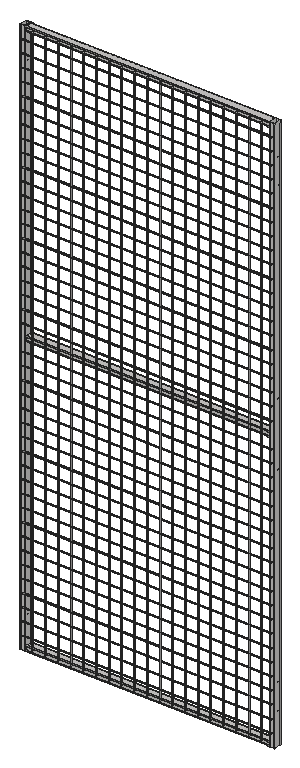
Revit family "Walls_Other_Troax_Separator_UX-450", category Specialty Equipment, Revit 2017
Family settings
  Round Connector Dimension = Use Diameter
  Part Type = Normal
  OmniClass Number = 23.25.40.00
  OmniClass Title = Space Division Products
  Work Plane-Based = No
  Always vertical = Yes
  Cut with Voids When Loaded = No
  Shared = No
  Room Calculation Point = No
Parameters (values of type "Caelum mesh panel UX450 1000mm")
  WarrantyStartDate [instance] = "n/a"
  WarrantyGuarantorParts = "n/a"
  WarrantyGuarantorLabor = "n/a"
  WarrantyDurationUnit = "Year"
  WarrantyDurationParts = "n/a"
  WarrantyDurationLabor = "n/a"
  WarrantyDescription = "n/a"
  WallType = ux450 1000 : ux450 1000
  WallPanelMainMaterial = Steel, Carbon
  VersionDate = "01/07/2020"  # constant formula
  Version = "1"  # constant formula
  Uniclass2015Reference = "Pr_25_71_57_60"
  Uniclass2015Description = "Partition panels"
  Uniclass2 = "Pr_25_71_57_60"
  URL = "https://www.troax.com/ro/warehouse-partitioning/warehouse-partitions-and-industrial-partitions#qt-related-product-index=1"
  Type Comments = ""
  TagNumber [instance] = "n/a"
  SustainabilityPerformance = "n/a"
  Size = "32x2200x1000 mm"
  Shape = "Sculptured"
  SerialNumber [instance] = "n/a"
  Revision = "2"  # constant formula
  ReplacementCost = "n/a"
  ProductInformation = "Caelum mesh partitioning is a modular system available in various widths and heights that is suitable for industrial storage applications."
  ProductDatasheet = "https://www.troax.com/sites/all/files/files/troax_-_ux_450_caelum_-_2013-07-03.pdf"
  NominalWidth = 1000 mm
  NominalThickness = 0 mm
  NominalHeight = 2200 mm
  NominalDepth = 32 mm
  Name = "Troax_Separator_UX-450_1000"
  NBSReference = "45-35-80/420"
  NBSDescription = "Panel partitions"
  ModelReference = "n/a"
  ModelNumber = "n/a"
  Material = "Carbon steel"
  ManufacturerURL = "https://www.troax.com/gb"
  ManufacturerName = "Troax"
  Model = "Caelum mesh panel UX450 1000mm"
  Manufacturer = "Troax"
  MainColor = "Grey"
  InstallationDate [instance] = "n/a"
  IfcExportType = "FENCE"  # constant formula
  IfcExportAs = "IfcSystemFurnitureElementTypePanel"  # constant formula
  HasOpening = yes
  Grade = "n/a"
  FurniturePanelType = "Other"  # constant formula
  Finish = "Powder coated as standard with a grey RAL 7037 finish; however other RAL colors are available upon request, panels can also be supplied hot dip galvanized for external use or in cold storage areas."
  Features = "Mesh panels can be modified on-site to fit any space, providing security where required."
  ExpectedLife = "n/a"
  DurationUnit = "Year"
  Description = "Caelum mesh partitioning is a modular system available in various widths and heights that is suitable for industrial storage applications. Mesh panels can be modified on-site to fit any space, providing security where required. Applications can range from 800 mm high to a complete floor to ceiling wall. Panels are constructed with a sturdy welded frame that provides added strength. The system is fully demountable and relocatable, and allows natural light and ventilation. Panels are supplied powder coated as standard with a grey RAL 7037 finish; however other RAL colors are available upon request. Panels can also be supplied hot dip galvanized for external use or in cold storage areas."
  Cost = 0
  ConvergoRefNr = "0054-1811-0021-SE"
  Constituents = "n/a"
  Color = "Grey"
  Collection = "Caelum"
  CodePerformance = "n/a"
  Barcode [instance] = "n/a"
  AssetIdentifier [instance] = "n/a"
  Category = "Mesh partitions"
  Brand = "Troax"
  BIMObjectName = "Walls_Other_Troax_Separator_UX-450"  # constant formula
  Author = "Convergo AB"  # constant formula
  AssetType = "Fixed"
  AccessibilityPerformance = "n/a"
Types (9, lengths in mm): name | WallType | Size | NominalWidth | Name | Model | ConvergoRefNr
  (no name) | ux450 1000 : ux450 1000 | "32x2200x1000 mm" | 1000 | "Troax_Separator_UX-450_1000" | "Caelum mesh panel UX450 1000mm" | "0054-1811-0021-SE"
  Caelum mesh panel UX450 200mm | ux450 200 : ux450 200 | "32x2200x200 mm" | 200 | "Troax_Separator_UX-450_200" | "Caelum mesh panel UX450 200mm" | "0054-1811-0016-SE"
  Caelum mesh panel UX450 300mm | ux450 300 : ux450 300 | "32x2200x300 mm" | 300 | "Troax_Separator_UX-450_300" | "Caelum mesh panel UX450 300mm" | "0054-1811-0017-SE"
  Caelum mesh panel UX450 700mm | ux450 700 : ux450 700 | "32x2200x700 mm" | 700 | "Troax_Separator_UX-450_700" | "Caelum mesh panel UX450 700mm" | "0054-1811-0019-SE"
  Caelum mesh panel UX450 500mm | ux450 500 : ux450 500 | "32x2200x500 mm" | 500 | "Troax_Separator_UX-450_500" | "Caelum mesh panel UX450 500mm" | "0054-1811-0018-SE"
  Caelum mesh panel UX450 1000mm | ux450 1000 : ux450 1000 | "32x2200x1000 mm" | 1000 | "Troax_Separator_UX-450_1000" | "Caelum mesh panel UX450 1000mm" | "0054-1811-0021-SE"
  Caelum mesh panel UX450 1200mm | ux450 1200 : ux450 1200 | "32x2200x1200 mm" | 1200 | "Troax_Separator_UX-450_1200" | "Caelum mesh panel UX450 1200mm" | "0054-1811-0022-SE"
  Caelum mesh panel UX450 1500mm | ux450 1500 : ux450 1500 | "32x2200x1500 mm" | 1500 | "Troax_Separator_UX-450_1500" | "Caelum mesh panel UX450 1500mm" | "0054-1811-0023-SE"
  Caelum mesh panel UX450 800mm | ux450 800 : ux450 800 | "32x2200x800 mm" | 800 | "Troax_Separator_UX-450_800" | "Caelum mesh panel UX450 800mm" | "0054-1811-0020-SE"
Reference planes
  plane 1 "Center (Front/Back)": y = 0
  plane 2: z = 0
  plane 3 "Center (Left/Right)": x = 0
  plane 4: x = -500
  plane 5: x = 500
  plane 6: z = 2200
  plane 7: y = 16
  plane 8: y = -16
Dimensions and locks
  equal spacing: plane 4, plane 3 "Center (Left/Right)", plane 5
  "NominalWidth": plane 4 to plane 5
  "NominalHeight": plane 6 to level
  equal spacing: plane 7, plane 1 "Center (Front/Back)", plane 8
  "NominalDepth": plane 7 to plane 8
  aligned and locked: level to plane 2
Nested families
  nested 1: "ux450 1000" at (0, 0, 0), type <- "WallType", MeshMaterial <- "WallPanelMainMaterial", type "ux450 1000"
    with MeshMaterial Steel, Carbon
Definition of nested family "ux450 1000"
  Parameters (values of type "ux450 1000")
    MeshMaterial [instance] = none
  Reference planes
    plane 1 "Center (Front/Back)": y = 0
    plane 2: z = 0
    plane 3 "Center (Left/Right)": x = 0
    plane 4: x = 500
    plane 5: x = -500
    plane 6: z = 2200
    plane 7: y = 16
    plane 8: y = -16
  Forms (mm)
    Extrusion 1, solid, material <- "MeshMaterial", detail levels medium+fine
      sketch origin (0, 0.7, 0) x (1, 0, 0) y (0, 1, 0)
        loop
          circle (-50, -15.2) r 1.5
        loop
          circle (0, -15.2) r 1.5
        loop
          circle (50, -15.2) r 1.5
        loop
          circle (-100, -15.2) r 1.5
        loop
          circle (100, -15.2) r 1.5
        loop
          circle (150, -15.2) r 1.5
        loop
          circle (200, -15.2) r 1.5
        loop
          circle (-150, -15.2) r 1.5
        loop
          circle (-200, -15.2) r 1.5
        loop
          circle (-250, -15.2) r 1.5
        loop
          circle (-300, -15.2) r 1.5
        loop
          circle (250, -15.2) r 1.5
        loop
          circle (300, -15.2) r 1.5
        loop
          circle (-350, -15.2) r 1.5
        loop
          circle (350, -15.2) r 1.5
        loop
          circle (-400, -15.2) r 1.5
        loop
          circle (-450, -15.2) r 1.5
        loop
          circle (400, -15.2) r 1.5
        loop
          circle (450, -15.2) r 1.5
      from 10 to 2190
    Extrusion 2, solid, material <- "MeshMaterial", detail levels medium+fine
      sketch origin (0, -4.65, 0) x (0, 1, 0) y (0, 0, 1)
        loop
          circle (-8.5, 2150) r 1.85
        loop
          circle (-8.5, 2100) r 1.85
        loop
          circle (-8.5, 2050) r 1.85
        loop
          circle (-8.5, 2000) r 1.85
        loop
          circle (-8.5, 1950) r 1.85
        loop
          circle (-8.5, 1900) r 1.85
        loop
          circle (-8.5, 1850) r 1.85
        loop
          circle (-8.5, 1800) r 1.85
        loop
          circle (-8.5, 1750) r 1.85
        loop
          circle (-8.5, 1700) r 1.85
        loop
          circle (-8.5, 1650) r 1.85
        loop
          circle (-8.5, 1600) r 1.85
        loop
          circle (-8.5, 1550) r 1.85
        loop
          circle (-8.5, 1500) r 1.85
        loop
          circle (-8.5, 1450) r 1.85
        loop
          circle (-8.5, 1400) r 1.85
        loop
          circle (-8.5, 1350) r 1.85
        loop
          circle (-8.5, 1300) r 1.85
        loop
          circle (-8.5, 1250) r 1.85
        loop
          circle (-8.5, 1200) r 1.85
        loop
          circle (-8.5, 1150) r 1.85
        loop
          circle (-8.5, 1050) r 1.85
        loop
          circle (-8.5, 1000) r 1.85
        loop
          circle (-8.5, 950) r 1.85
        loop
          circle (-8.5, 900) r 1.85
        loop
          circle (-8.5, 850) r 1.85
        loop
          circle (-8.5, 800) r 1.85
        loop
          circle (-8.5, 750) r 1.85
        loop
          circle (-8.5, 700) r 1.85
        loop
          circle (-8.5, 650) r 1.85
        loop
          circle (-8.5, 600) r 1.85
        loop
          circle (-8.5, 550) r 1.85
        loop
          circle (-8.5, 500) r 1.85
        loop
          circle (-8.5, 450) r 1.85
        loop
          circle (-8.5, 400) r 1.85
        loop
          circle (-8.5, 350) r 1.85
        loop
          circle (-8.5, 300) r 1.85
        loop
          circle (-8.5, 250) r 1.85
        loop
          circle (-8.5, 200) r 1.85
        loop
          circle (-8.5, 150) r 1.85
        loop
          circle (-8.5, 100) r 1.85
        loop
          circle (-8.5, 50) r 1.85
      from -490.001 to 490
    Extrusion 3, solid, material <- "MeshMaterial", detail levels medium+fine
      sketch origin (-100, 0, 0) x (1, 0, 0) y (0, 1, 0)
        loop
          line (-400, 14.5) -> (-400, -12.5)
          arc (-400, -12.5) -> (-399.561, -13.561) -> (-398.5, -14) r 1.5
          line (-398.5, -14) -> (-381.501, -14)
          arc (-381.501, -14) -> (-380.441, -13.561) -> (-380.001, -12.5) r 1.5
          line (-380.001, -12.5) -> (-380.001, 14.5)
          arc (-380.001, 14.5) -> (-380.441, 15.561) -> (-381.501, 16) r 1.5
          line (-381.501, 16) -> (-398.5, 16)
          arc (-398.5, 16) -> (-399.561, 15.561) -> (-400, 14.5) r 1.5
        loop
          line (-398.751, 14.75) -> (-398.751, -11.787) -> (-381.251, -11.787) -> (-381.251, 14.75) -> (-398.751, 14.75)
      from 0 to 2200
    Extrusion 4, solid, material <- "MeshMaterial", detail levels medium+fine
      sketch origin (-200, 0, 0) x (-1, 0, 0) y (0, -1, 0)
        loop
          line (-698.751, -14.75) -> (-681.251, -14.75) -> (-681.251, 12.75) -> (-698.751, 12.75) -> (-698.751, -14.75)
        loop
          line (-700, 12.5) -> (-700, -14.5)
          arc (-700, -14.5) -> (-699.561, -15.561) -> (-698.5, -16) r 1.5
          line (-698.5, -16) -> (-681.501, -16)
          arc (-681.501, -16) -> (-680.441, -15.561) -> (-680.001, -14.5) r 1.5
          line (-680.001, -14.5) -> (-680.001, 12.5)
          arc (-680.001, 12.5) -> (-680.441, 13.561) -> (-681.501, 14) r 1.5
          line (-681.501, 14) -> (-698.5, 14)
          arc (-698.5, 14) -> (-699.561, 13.561) -> (-700, 12.5) r 1.5
      from 0 to 2200
    Extrusion 5, solid, material <- "MeshMaterial", detail levels medium+fine
      sketch origin (0, 0, 0) x (0, 1, 0) y (0, 0, 1)
        loop
          line (14.7, 2200) -> (-12.787, 2200)
          arc (-12.787, 2200) -> (-14, 2198.25) -> (-12.787, 2196.5) r 1.869
          line (-12.787, 2196.5) -> (-12.787, 2184.5)
          arc (-12.787, 2184.5) -> (-13.988, 2182.75) -> (-12.787, 2181) r 1.875
          line (-12.787, 2181) -> (14.7, 2181)
          arc (14.7, 2181) -> (15.619, 2181.381) -> (16, 2182.3) r 1.3
          line (16, 2182.3) -> (16, 2198.7)
          arc (16, 2198.7) -> (15.619, 2199.619) -> (14.7, 2200) r 1.3
        loop
          line (15, 2182) -> (15, 2199) -> (-11.787, 2199) -> (-11.787, 2182) -> (15, 2182)
      from -480 to 480
    Extrusion 6, void
      sketch origin (0, -0.25, 0) x (0, 1, 0) y (0, 0, 1)
        loop
          circle (1.25, 2075) r 5
        loop
          circle (1.25, 1975) r 5
        loop
          circle (1.25, 1225) r 5
        loop
          circle (1.25, 975) r 5
        loop
          circle (1.25, 225) r 5
        loop
          circle (1.25, 125) r 5
      from -2443.968 to 2106.031
    Extrusion 7, solid, material <- "MeshMaterial", detail levels coarse
      sketch origin (0, 0, 0) x (1, 0, 0) y (0, 1, 0)
        loop
          line (-500, -16) -> (500, -16) -> (500, 16) -> (-500, 16) -> (-500, -16)
      from 0 to 2200
    Extrusion 8, solid, material <- "MeshMaterial", detail levels medium+fine
      sketch origin (0, 0, -1090.5) x (0, 1, 0) y (0, 0, 1)
        loop
          line (14.7, 2200) -> (-12.787, 2200)
          arc (-12.787, 2200) -> (-14, 2198.25) -> (-12.787, 2196.5) r 1.869
          line (-12.787, 2196.5) -> (-12.787, 2184.5)
          arc (-12.787, 2184.5) -> (-13.988, 2182.75) -> (-12.787, 2181) r 1.875
          line (-12.787, 2181) -> (14.7, 2181)
          arc (14.7, 2181) -> (15.619, 2181.381) -> (16, 2182.3) r 1.3
          line (16, 2182.3) -> (16, 2198.7)
          arc (16, 2198.7) -> (15.619, 2199.619) -> (14.7, 2200) r 1.3
        loop
          line (15, 2182) -> (15, 2199) -> (-11.787, 2199) -> (-11.787, 2182) -> (15, 2182)
      from -480 to 480
    Extrusion 9, solid, material <- "MeshMaterial", detail levels medium+fine
      sketch origin (0, 0, -2181) x (0, 1, 0) y (0, 0, 1)
        loop
          line (14.7, 2200) -> (-12.787, 2200)
          arc (-12.787, 2200) -> (-14, 2198.25) -> (-12.787, 2196.5) r 1.869
          line (-12.787, 2196.5) -> (-12.787, 2184.5)
          arc (-12.787, 2184.5) -> (-13.988, 2182.75) -> (-12.787, 2181) r 1.875
          line (-12.787, 2181) -> (14.7, 2181)
          arc (14.7, 2181) -> (15.619, 2181.381) -> (16, 2182.3) r 1.3
          line (16, 2182.3) -> (16, 2198.7)
          arc (16, 2198.7) -> (15.619, 2199.619) -> (14.7, 2200) r 1.3
        loop
          line (15, 2182) -> (15, 2199) -> (-11.787, 2199) -> (-11.787, 2182) -> (15, 2182)
      from -480 to 480
  Cuts and joins
    Extrusion 6 cuts Extrusion 4
    Extrusion 6 cuts Extrusion 3
  Lines and regions (mm)
    symbolic lines, detail levels medium+fine
      curve 1: line (0, 16, 2200) -> (0, 16, 0)
      curve 2: line (0, 16, 0) -> (0, -14, 0)
      curve 3: line (0, -14, 0) -> (0, -14, 10)
      curve 4: line (0, -14, 10) -> (0, -16, 10)
      curve 5: line (0, -16, 10) -> (0, -16, 2190)
      curve 6: line (0, -16, 2190) -> (0, -14, 2190)
      curve 7: line (0, -14, 2190) -> (0, -14, 2200)
      curve 8: line (0, -14, 2200) -> (0, 16, 2200)
      curve 22: line (-500, 0, 2200) -> (500, 0, 2200)
      curve 23: line (-500, 0, 0) -> (-500, 0, 2200)
      curve 24: line (500, 0, 0) -> (-500, 0, 0)
      curve 25: line (500, 0, 2200) -> (500, 0, 0)
    symbolic lines, detail levels fine
      curve 9: line (0, -14, 2190) -> (0, -14, 10)
      curve 10: arc (0, 6, 2075) -> (0, 1, 2080) -> (0, -4, 2075) r 5
      curve 11: arc (0, -4, 2075) -> (0, 1, 2070) -> (0, 6, 2075) r 5
      curve 12: arc (0, 6, 1975) -> (0, 1, 1980) -> (0, -4, 1975) r 5
      curve 13: arc (0, -4, 1975) -> (0, 1, 1970) -> (0, 6, 1975) r 5
      curve 14: arc (0, 6, 1225) -> (0, 1, 1230) -> (0, -4, 1225) r 5
      curve 15: arc (0, -4, 1225) -> (0, 1, 1220) -> (0, 6, 1225) r 5
      curve 16: arc (0, -4, 975) -> (0, 1, 970) -> (0, 6, 975) r 5
      curve 17: arc (0, 6, 975) -> (0, 1, 980) -> (0, -4, 975) r 5
      curve 18: arc (0, 6, 225) -> (0, 1, 230) -> (0, -4, 225) r 5
      curve 19: arc (0, -4, 225) -> (0, 1, 220) -> (0, 6, 225) r 5
      curve 20: arc (0, 6, 125) -> (0, 1, 130) -> (0, -4, 125) r 5
      curve 21: arc (0, -4, 125) -> (0, 1, 120) -> (0, 6, 125) r 5
      curve 26: line (-480, 0, 3.5) -> (480, 0, 3.5)
      curve 27: line (-480, 0, 19) -> (480, 0, 19)
      curve 28: line (-480, 0, 15.5) -> (480, 0, 15.5)
      curve 29: line (-480, 0, 2200) -> (-480, 0, 0)
      curve 30: line (-480, 0, 2196.5) -> (480, 0, 2196.5)
      curve 31: line (-480, 0, 2184.5) -> (480, 0, 2184.5)
      curve 32: line (-480, 0, 2181) -> (480, 0, 2181)
      curve 33: line (480, 0, 2200) -> (480, 0, 0)
      curve 34: line (-450, 0, 10) -> (-450, 0, 2190)
      curve 35: line (-400, 0, 10) -> (-400, 0, 2190)
      curve 36: line (-350, 0, 10) -> (-350, 0, 2190)
      curve 37: line (-480, 0, 1094) -> (480, 0, 1094)
      curve 38: line (-480, 0, 1109.5) -> (480, 0, 1109.5)
      curve 39: line (-480, 0, 1106) -> (480, 0, 1106)
      curve 40: line (-480, 0, 1090.5) -> (480, 0, 1090.5)
      curve 44: arc (-498.5, 16, 0) -> (-499.561, 15.561, 0) -> (-500, 14.5, 0) r 1.5
      curve 45: line (-481.501, 16, 0) -> (-498.5, 16, 0)
      curve 46: arc (-480.001, 14.5, 0) -> (-480.441, 15.561, 0) -> (-481.501, 16, 0) r 1.5
      curve 47: line (-480.001, -12.5, 0) -> (-480.001, 14.5, 0)
      curve 48: line (-500, 14.5, 0) -> (-500, -12.5, 0)
      curve 49: arc (-500, -12.5, 0) -> (-499.561, -13.561, 0) -> (-498.5, -14, 0) r 1.5
      curve 50: line (-498.5, -14, 0) -> (-481.501, -14, 0)
      curve 51: arc (-481.501, -14, 0) -> (-480.441, -13.561, 0) -> (-480.001, -12.5, 0) r 1.5
      curve 52: line (-481.251, 14.75, 0) -> (-481.251, -12.75, 0)
      curve 53: line (-481.251, -12.75, 0) -> (-498.751, -12.75, 0)
      curve 54: line (-498.751, -12.75, 0) -> (-498.751, 14.75, 0)
      curve 55: line (-498.751, 14.75, 0) -> (-481.251, 14.75, 0)
      curve 56: line (-490.001, -12.75, 0) -> (-490.001, -11.284, 0)
      curve 57: line (-490.001, -11.284, 0) -> (-481.251, -11.284, 0)
      curve 58: line (-490.001, -14, 0) -> (-490.001, -15, 0)
      curve 59: line (-490.001, -15, 0) -> (-451.414, -15, 0)
      curve 61: arc (498.5, 16, 0) -> (499.561, 15.561, 0) -> (500, 14.5, 0) r 1.5
      curve 62: line (481.501, 16, 0) -> (498.5, 16, 0)
      curve 63: arc (480.001, 14.5, 0) -> (480.441, 15.561, 0) -> (481.501, 16, 0) r 1.5
      curve 64: line (480.001, -12.5, 0) -> (480.001, 14.5, 0)
      curve 65: line (500, 14.5, 0) -> (500, -12.5, 0)
      curve 66: arc (500, -12.5, 0) -> (499.561, -13.561, 0) -> (498.5, -14, 0) r 1.5
      curve 67: line (498.5, -14, 0) -> (481.501, -14, 0)
      curve 68: arc (481.501, -14, 0) -> (480.441, -13.561, 0) -> (480.001, -12.5, 0) r 1.5
      curve 69: line (481.251, 14.75, 0) -> (481.251, -12.75, 0)
      curve 70: line (481.251, -12.75, 0) -> (498.751, -12.75, 0)
      curve 71: line (498.751, -12.75, 0) -> (498.751, 14.75, 0)
      curve 72: line (498.751, 14.75, 0) -> (481.251, 14.75, 0)
      curve 73: line (490.001, -12.75, 0) -> (490.001, -11.284, 0)
      curve 74: line (490.001, -11.284, 0) -> (481.251, -11.284, 0)
      curve 75: line (490.001, -14, 0) -> (490.001, -15, 0)
      curve 76: line (-480.001, 14.5, 0) -> (-480.001, 16, 0)
      curve 77: line (480.001, 16, 0) -> (480.001, 14.5, 0)
      curve 78: line (-480.001, -12.5, 0) -> (-480.001, -13.988, 0)
      curve 79: line (480.001, -13.988, 0) -> (480.001, -12.5, 0)
      curve 80: line (480.001, -13.988, 0) -> (-480.001, -13.988, 0)
      curve 81: arc (-51.41, -13.988, 0) -> (-50, -16, 0) -> (-48.59, -13.988, 0) r 1.5
      curve 82: arc (-1.41, -13.988, 0) -> (0, -16, 0) -> (1.41, -13.988, 0) r 1.5
      curve 83: arc (51.41, -13.988, 0) -> (50, -16, 0) -> (48.59, -13.988, 0) r 1.5
      curve 84: line (-48.586, -15, 0) -> (-1.414, -15, 0)
      curve 85: line (1.414, -15, 0) -> (48.586, -15, 0)
      curve 86: line (451.414, -15, 0) -> (490.001, -15, 0)
      curve 87: arc (101.41, -13.988, 0) -> (100, -16, 0) -> (98.59, -13.988, 0) r 1.5
      curve 88: line (51.414, -15, 0) -> (98.586, -15, 0)
      curve 89: arc (-101.41, -13.988, 0) -> (-100, -16, 0) -> (-98.59, -13.988, 0) r 1.5
      curve 90: line (-98.586, -15, 0) -> (-51.414, -15, 0)
      curve 91: line (450, 0, 10) -> (450, 0, 2190)
      curve 92: line (-100, 0, 10) -> (-100, 0, 2190)
      curve 93: arc (0, -14, 2151.643) -> (0, -15, 2150) -> (0, -14, 2148.357) r 1.85
      curve 94: arc (0, -14, 2101.643) -> (0, -15, 2100) -> (0, -14, 2098.357) r 1.85
      curve 95: arc (0, -14, 2051.643) -> (0, -15, 2050) -> (0, -14, 2048.357) r 1.85
      curve 96: arc (0, -14, 2001.643) -> (0, -15, 2000) -> (0, -14, 1998.357) r 1.85
      curve 97: arc (0, -14, 1951.643) -> (0, -15, 1950) -> (0, -14, 1948.357) r 1.85
      curve 98: arc (0, -14, 1901.643) -> (0, -15, 1900) -> (0, -14, 1898.357) r 1.85
      curve 99: arc (0, -14, 1851.643) -> (0, -15, 1850) -> (0, -14, 1848.357) r 1.85
      curve 100: arc (0, -14, 1801.643) -> (0, -15, 1800) -> (0, -14, 1798.357) r 1.85
      curve 101: arc (0, -14, 1751.643) -> (0, -15, 1750) -> (0, -14, 1748.357) r 1.85
      curve 102: arc (0, -14, 1701.643) -> (0, -15, 1700) -> (0, -14, 1698.357) r 1.85
      curve 103: arc (0, -14, 1651.643) -> (0, -15, 1650) -> (0, -14, 1648.357) r 1.85
      curve 104: arc (0, -14, 1601.643) -> (0, -15, 1600) -> (0, -14, 1598.357) r 1.85
      curve 105: arc (0, -14, 1551.643) -> (0, -15, 1550) -> (0, -14, 1548.357) r 1.85
      curve 106: arc (0, -14, 1501.643) -> (0, -15, 1500) -> (0, -14, 1498.357) r 1.85
      curve 107: arc (0, -14, 1451.643) -> (0, -15, 1450) -> (0, -14, 1448.357) r 1.85
      curve 108: arc (0, -14, 1401.643) -> (0, -15, 1400) -> (0, -14, 1398.357) r 1.85
      curve 109: arc (0, -14, 1351.643) -> (0, -15, 1350) -> (0, -14, 1348.357) r 1.85
      curve 110: arc (0, -14, 1301.643) -> (0, -15, 1300) -> (0, -14, 1298.357) r 1.85
      curve 111: arc (0, -14, 1251.643) -> (0, -15, 1250) -> (0, -14, 1248.357) r 1.85
      curve 112: arc (0, -14, 1201.643) -> (0, -15, 1200) -> (0, -14, 1198.357) r 1.85
      curve 113: arc (0, -14, 1151.643) -> (0, -15, 1150) -> (0, -14, 1148.357) r 1.85
      curve 114: arc (0, -14, 1051.643) -> (0, -15, 1050) -> (0, -14, 1048.357) r 1.85
      curve 115: arc (0, -14, 1001.643) -> (0, -15, 1000) -> (0, -14, 998.357) r 1.85
      curve 116: arc (0, -14, 951.643) -> (0, -15, 950) -> (0, -14, 948.357) r 1.85
      curve 117: arc (0, -14, 901.643) -> (0, -15, 900) -> (0, -14, 898.357) r 1.85
      curve 118: arc (0, -14, 851.643) -> (0, -15, 850) -> (0, -14, 848.357) r 1.85
      curve 119: arc (0, -14, 801.643) -> (0, -15, 800) -> (0, -14, 798.357) r 1.85
      curve 120: arc (0, -14, 751.643) -> (0, -15, 750) -> (0, -14, 748.357) r 1.85
      curve 121: arc (0, -14, 701.643) -> (0, -15, 700) -> (0, -14, 698.357) r 1.85
      curve 122: arc (0, -14, 651.643) -> (0, -15, 650) -> (0, -14, 648.357) r 1.85
      curve 123: arc (0, -14, 601.643) -> (0, -15, 600) -> (0, -14, 598.357) r 1.85
      curve 124: arc (0, -14, 551.643) -> (0, -15, 550) -> (0, -14, 548.357) r 1.85
      curve 125: arc (0, -14, 501.643) -> (0, -15, 500) -> (0, -14, 498.357) r 1.85
      curve 126: arc (0, -14, 451.643) -> (0, -15, 450) -> (0, -14, 448.357) r 1.85
      curve 127: arc (0, -14, 401.643) -> (0, -15, 400) -> (0, -14, 398.357) r 1.85
      curve 128: arc (0, -14, 351.643) -> (0, -15, 350) -> (0, -14, 348.357) r 1.85
      curve 129: arc (0, -14, 301.643) -> (0, -15, 300) -> (0, -14, 298.357) r 1.85
      curve 130: arc (0, -14, 251.643) -> (0, -15, 250) -> (0, -14, 248.357) r 1.85
      curve 131: arc (0, -14, 201.643) -> (0, -15, 200) -> (0, -14, 198.357) r 1.85
      curve 132: arc (0, -14, 151.643) -> (0, -15, 150) -> (0, -14, 148.357) r 1.85
      curve 133: arc (0, -14, 101.643) -> (0, -15, 100) -> (0, -14, 98.357) r 1.85
      curve 134: arc (0, -14, 51.643) -> (0, -15, 50) -> (0, -14, 48.357) r 1.85
      curve 135: arc (-151.41, -13.988, 0) -> (-150, -16, 0) -> (-148.59, -13.988, 0) r 1.5
      curve 136: line (-148.586, -15, 0) -> (-101.414, -15, 0)
      curve 137: arc (-201.41, -13.988, 0) -> (-200, -16, 0) -> (-198.59, -13.988, 0) r 1.5
      curve 138: line (-198.586, -15, 0) -> (-151.414, -15, 0)
      curve 139: arc (151.41, -13.988, 0) -> (150, -16, 0) -> (148.59, -13.988, 0) r 1.5
      curve 140: line (101.414, -15, 0) -> (148.586, -15, 0)
      curve 141: arc (201.41, -13.988, 0) -> (200, -16, 0) -> (198.59, -13.988, 0) r 1.5
      curve 142: line (151.414, -15, 0) -> (198.586, -15, 0)
      curve 143: line (-300, 0, 10) -> (-300, 0, 2190)
      curve 144: line (-250, 0, 10) -> (-250, 0, 2190)
      curve 145: line (-200, 0, 10) -> (-200, 0, 2190)
      curve 146: line (-150, 0, 10) -> (-150, 0, 2190)
      curve 147: arc (-251.41, -13.988, 0) -> (-250, -16, 0) -> (-248.59, -13.988, 0) r 1.5
      curve 148: line (-248.586, -15, 0) -> (-201.414, -15, 0)
      curve 149: arc (-301.41, -13.988, 0) -> (-300, -16, 0) -> (-298.59, -13.988, 0) r 1.5
      curve 150: line (-298.586, -15, 0) -> (-251.414, -15, 0)
      curve 151: arc (251.41, -13.988, 0) -> (250, -16, 0) -> (248.59, -13.988, 0) r 1.5
      curve 152: line (201.414, -15, 0) -> (248.586, -15, 0)
      curve 153: arc (301.41, -13.988, 0) -> (300, -16, 0) -> (298.59, -13.988, 0) r 1.5
      curve 154: line (251.414, -15, 0) -> (298.586, -15, 0)
      curve 155: line (-50, 0, 10) -> (-50, 0, 2190)
      curve 156: line (200, 0, 10) -> (200, 0, 2190)
      curve 157: line (350, 0, 10) -> (350, 0, 2190)
      curve 158: line (400, 0, 10) -> (400, 0, 2190)
      curve 159: line (-490, 0, 50) -> (490, 0, 50)
      curve 160: arc (-351.41, -13.988, 0) -> (-350, -16, 0) -> (-348.59, -13.988, 0) r 1.5
      curve 161: line (-348.586, -15, 0) -> (-301.414, -15, 0)
      curve 162: arc (351.41, -13.988, 0) -> (350, -16, 0) -> (348.59, -13.988, 0) r 1.5
      curve 163: line (301.414, -15, 0) -> (348.586, -15, 0)
      curve 164: line (250, 0, 10) -> (250, 0, 2190)
      curve 165: line (300, 0, 10) -> (300, 0, 2190)
      curve 166: arc (401.41, -13.988, 0) -> (400, -16, 0) -> (398.59, -13.988, 0) r 1.5
      curve 167: line (351.414, -15, 0) -> (398.586, -15, 0)
      curve 168: arc (451.41, -13.988, 0) -> (450, -16, 0) -> (448.59, -13.988, 0) r 1.5
      curve 169: line (401.414, -15, 0) -> (448.586, -15, 0)
      curve 170: arc (-401.41, -13.988, 0) -> (-400, -16, 0) -> (-398.59, -13.988, 0) r 1.5
      curve 171: line (-398.586, -15, 0) -> (-351.414, -15, 0)
      curve 172: arc (-451.41, -13.988, 0) -> (-450, -16, 0) -> (-448.59, -13.988, 0) r 1.5
      curve 173: line (-448.586, -15, 0) -> (-401.414, -15, 0)
      curve 174: line (100, 0, 10) -> (100, 0, 2190)
      curve 175: line (0, 0, 10) -> (0, 0, 2190)
      curve 176: line (50, 0, 10) -> (50, 0, 2190)
      curve 177: line (150, 0, 10) -> (150, 0, 2190)
      curve 178: line (-490, 0, 100) -> (490, 0, 100)
      curve 179: line (-490, 0, 150) -> (490, 0, 150)
      curve 180: line (-490, 0, 200) -> (490, 0, 200)
      curve 181: line (-490, 0, 250) -> (490, 0, 250)
      curve 182: line (-490, 0, 300) -> (490, 0, 300)
      curve 183: line (-490, 0, 350) -> (490, 0, 350)
      curve 184: line (-490, 0, 400) -> (490, 0, 400)
      curve 185: line (-490, 0, 450) -> (490, 0, 450)
      curve 186: line (-490, 0, 500) -> (490, 0, 500)
      curve 187: line (-490, 0, 550) -> (490, 0, 550)
      curve 188: line (-490, 0, 600) -> (490, 0, 600)
      curve 189: line (-490, 0, 650) -> (490, 0, 650)
      curve 190: line (-490, 0, 700) -> (490, 0, 700)
      curve 191: line (-490, 0, 750) -> (490, 0, 750)
      curve 192: line (-490, 0, 800) -> (490, 0, 800)
      curve 193: line (-490, 0, 850) -> (490, 0, 850)
      curve 194: line (-490, 0, 900) -> (490, 0, 900)
      curve 195: line (-490, 0, 950) -> (490, 0, 950)
      curve 196: line (-490, 0, 1000) -> (490, 0, 1000)
      curve 197: line (-490, 0, 1050) -> (490, 0, 1050)
      curve 198: line (-490, 0, 2150) -> (490, 0, 2150)
      curve 199: line (-490, 0, 2100) -> (490, 0, 2100)
      curve 200: line (-490, 0, 2050) -> (490, 0, 2050)
      curve 201: line (-490, 0, 2000) -> (490, 0, 2000)
      curve 202: line (-490, 0, 1950) -> (490, 0, 1950)
      curve 203: line (-490, 0, 1900) -> (490, 0, 1900)
      curve 204: line (-490, 0, 1850) -> (490, 0, 1850)
      curve 205: line (-490, 0, 1800) -> (490, 0, 1800)
      curve 206: line (-490, 0, 1750) -> (490, 0, 1750)
      curve 207: line (-490, 0, 1700) -> (490, 0, 1700)
      curve 208: line (-490, 0, 1650) -> (490, 0, 1650)
      curve 209: line (-490, 0, 1600) -> (490, 0, 1600)
      curve 210: line (-490, 0, 1550) -> (490, 0, 1550)
      curve 211: line (-490, 0, 1500) -> (490, 0, 1500)
      curve 212: line (-490, 0, 1450) -> (490, 0, 1450)
      curve 213: line (-490, 0, 1400) -> (490, 0, 1400)
      curve 214: line (-490, 0, 1350) -> (490, 0, 1350)
      curve 215: line (-490, 0, 1300) -> (490, 0, 1300)
      curve 216: line (-490, 0, 1250) -> (490, 0, 1250)
      curve 217: line (-490, 0, 1200) -> (490, 0, 1200)
      curve 218: line (-490, 0, 1150) -> (490, 0, 1150)
      curve 219: line (-480.001, 16, 0) -> (480.001, 16, 0)
    symbolic lines, detail levels medium
      curve 41: line (-500, 16, 0) -> (500, 16, 0)
      curve 42: line (-500, -16, 0) -> (-500, 16, 0)
      curve 43: line (500, -16, 0) -> (-500, -16, 0)
      curve 60: line (500, -16, 0) -> (500, 16, 0)
  Dimensions and locks
    aligned and locked: level to plane 2
    aligned and locked: plane 5 to Extrusion 7
    aligned and locked: plane 4 to Extrusion 7
